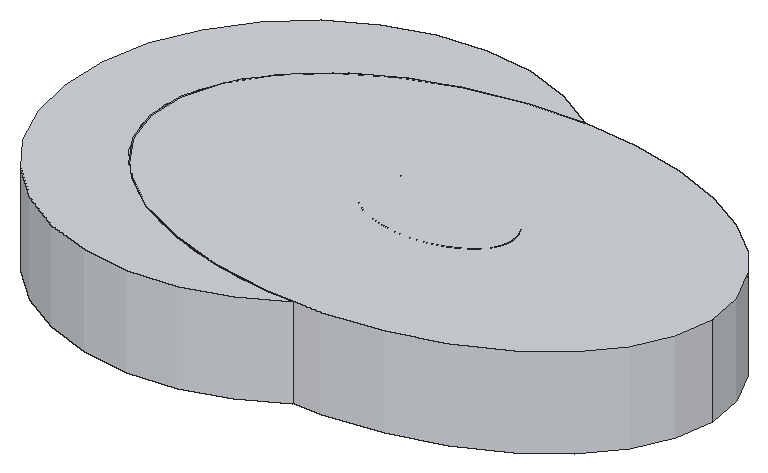
Revit family "電線管用ファミリ(片側のみ)_3", category Electrical Fixtures, Revit 2021
Family settings
  Maintain Annotation Orientation = No
  Round Connector Dimension = Use Diameter
  Part Type = Normal
  OmniClass Number = 23.80.00.00
  OmniClass Title = Electric Power and Lighting
  Work Plane-Based = No
  Always vertical = Yes
  Cut with Voids When Loaded = No
  Shared = No
  Room Calculation Point = No
Parameters
  W [instance] = 300 mm
  In W [instance] = 80 mm
  In D [instance] = 50 mm
  Default Elevation = 0 mm
  D [instance] = 200 mm
Reference planes
  plane 1 "Center (Front/Back)": y = 0
  plane 2: z = 0
  plane 3 "Center (Left/Right)": x = 0
  plane 4: x = -150
  plane 5: x = 150
  plane 6: y = 100
  plane 7: y = -100
  plane 8: z = 50
  plane 9: y = 25
  plane 10: y = -25
  plane 11: x = -40
  plane 12: x = 40
Forms (mm)
  Extrusion 1, solid
    sketch origin (0, 0, 0) x (1, 0, 0) y (0, 1, 0)
      loop
        spline (150, 0) -> (144.889, 25.882) -> (129.904, 50) -> (106.066, 70.711) -> (75, 86.603) -> (38.823, 96.593) -> (0, 100) -> (-38.823, 96.593) -> (-75, 86.603) -> (-106.066, 70.711) -> (-129.904, 50) -> (-144.889, 25.882) -> (-150, 0)
        spline (-150, 0) -> (-144.889, -25.882) -> (-129.904, -50) -> (-106.066, -70.711) -> (-75, -86.603) -> (-38.823, -96.593) -> (0, -100) -> (38.823, -96.593) -> (75, -86.603) -> (106.066, -70.711) -> (129.904, -50) -> (144.889, -25.882) -> (150, 0)
    from 0 to 50
  Extrusion 2, solid
    sketch origin (0, 0, 0) x (1, 0, 0) y (0, 1, 0)
      loop
        spline (-40, 0) -> (-38.637, -6.47) -> (-34.641, -12.5) -> (-28.284, -17.678) -> (-20, -21.651) -> (-10.353, -24.148) -> (0, -25) -> (10.353, -24.148) -> (20, -21.651) -> (28.284, -17.678) -> (34.641, -12.5) -> (38.637, -6.47) -> (40, 0)
        spline (40, 0) -> (38.637, 6.47) -> (34.641, 12.5) -> (28.284, 17.678) -> (20, 21.651) -> (10.353, 24.148) -> (0, 25) -> (-10.353, 24.148) -> (-20, 21.651) -> (-28.284, 17.678) -> (-34.641, 12.5) -> (-38.637, 6.47) -> (-40, 0)
    from 0 to 50
  Extrusion 3, solid
    sketch origin (0, 0, 0) x (1, 0, 0) y (0, 1, 0)
      loop
        spline (0, 100) -> (-38.823, 96.593) -> (-75, 86.603) -> (-106.066, 70.711) -> (-129.904, 50) -> (-144.889, 25.882) -> (-150, 0) -> (-144.889, -25.882) -> (-129.904, -50) -> (-106.066, -70.711) -> (-75, -86.603) -> (-38.823, -96.593) -> (0, -100)
        arc (0, -100) -> (-194.956, 0) -> (0, 100) r 123.125
    from 0 to 50
Dimensions and locks
  equal spacing: plane 4, plane 3 "Center (Left/Right)", plane 5
  "W": plane 4 to plane 5
  equal spacing: plane 6, plane 1 "Center (Front/Back)", plane 7
  "D": plane 6 to plane 7
  equal spacing: plane 9, plane 1 "Center (Front/Back)", plane 10
  "In D": plane 9 to plane 10
  equal spacing: plane 11, plane 3 "Center (Left/Right)", plane 12
  "In W": plane 11 to plane 12
  aligned and locked: level to plane 2
  aligned and locked: Extrusion 1 to Extrusion 2
Automatic sketch dimensions
  plane 1 "Center (Front/Back)" to Extrusion 1 sketch curve = 0 mm
  Extrusion 1 sketch curve to plane 3 "Center (Left/Right)" = 0 mm
  Extrusion 1 sketch curve to plane 5 = 0 mm
  plane 1 "Center (Front/Back)" to Extrusion 2 sketch curve = 0 mm
  Extrusion 2 sketch curve to plane 11 = 0 mm
  Extrusion 2 sketch curve to plane 3 "Center (Left/Right)" = 0 mm
  plane 1 "Center (Front/Back)" to Extrusion 3 sketch curve = 0 mm
  Extrusion 3 sketch curve to plane 3 "Center (Left/Right)" = 0 mm
  Extrusion 3 sketch curve to plane 7 = 0 mm
  Extrusion 3 sketch curve to plane 11 = 31.831 mm
Connectors
  cabletrayconduit at (0, 0, 50), diameter 16
    settings: on Extrusion 2, index 1, connector width 300 mm, connector height 300 mm, connector angle 0.00°, system type 32, placement type 0, profile type 0, connector reference index -1, is primary connector yes, connector utility param no, connector description ""
